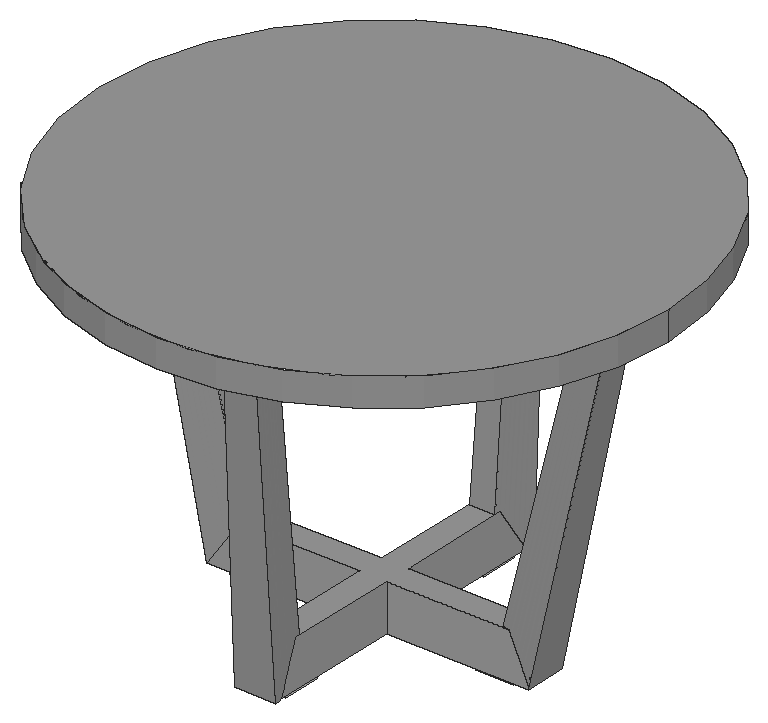
Revit family "Andreu World Uves Occasional", category Mobiliario, Revit 2013
Parameters (values of type "ME-3696 Oak")
  URL = "http://www.andreuworld.com"
  Top Thickness = 30 mm
  Top Diameter = 600 mm
  Top Base = 500 mm
  Top = Andreu World Oak
  Square Top = no
  Round Top = yes
  Referencia = "ME-3696"
  Modelo = "Uves Occasional"
  Length = 550 mm
  Height = 400 mm
  Glides = Andreu World Plastic Glides
  Fabricante = "Andreu World"
  Descripción = "Occasional table."
  Base = 340 mm
Types (9, lengths in mm): name | Top Diameter | Top | Square Top | Round Top | Referencia | Length | Height
  (no name) | 600 | Andreu World Oak | no | yes | "ME-3696" | 550 | 400
  ME-3696 Oak | 600 | Andreu World Oak | no | yes | "ME-3696" | 550 | 400
  ME-3700 Lacquered | 600 | Andreu World Lacquered | no | yes | "ME-3700" | 663.046 | 400
  ME-3697 Oak | 700 | Andreu World Oak | no | yes | "ME-3697" | 663.046 | 500
  ME-3701 Lacquered | 700 | Andreu World Lacquered | no | yes | "ME-3701" | 550 | 500
  ME-3698 Oak | 600 | Andreu World Oak | yes | no | "ME-3698" | 550 | 400
  ME-3702 Lacquered | 600 | Andreu World Lacquered | yes | no | "ME-3702" | 550 | 400
  ME-3699 Oak | 600 | Andreu World Oak | yes | no | "ME-3702" | 600 | 500
  ME-3703 Lacquered | 600 | Andreu World Lacquered | yes | no | "ME-3702" | 600 | 500
Reference planes
  plane 1 "Centro (Frontal/Posterior)": y = 0
  plane 2: z = 0
  plane 3 "Centro (Izquierda/Derecha)": x = 0
  plane 4: z = 400
  plane 5: z = 370
  plane 6: x = -170
  plane 7: x = 170
  plane 8: x = -250
  plane 9: x = 250
  plane 10: x = -275
  plane 11: y = 275
  plane 12: x = 275
  plane 13: y = -275
  plane 14: z = 5
  plane 15: z = 49
Forms (mm)
  Blend 1, solid, material "Andreu World Oak" <- "Top", detail levels medium+fine
    base sketch origin (0, 0, 0) x (1, 0, 0) y (0, 1, 0)
      loop
        line (-16.479, -193.934) -> (16.479, -193.934) -> (11.148, -159.934) -> (-11.148, -159.934) -> (-16.479, -193.934)
    top sketch origin (0, 0, 0) x (1, 0, 0) y (0, 1, 0)
      loop
        line (-22, -170) -> (22, -170) -> (13.253, -125) -> (-13.253, -125) -> (-22, -170)
    from 370 to 5
  Blend 2, solid, material "Andreu World Oak" <- "Top", detail levels medium+fine
    base sketch origin (0, 0, 0) x (1, 0, 0) y (0, 1, 0)
      loop
        line (-16.479, 193.934) -> (-11.148, 159.934) -> (11.148, 159.934) -> (16.479, 193.934) -> (-16.479, 193.934)
    top sketch origin (0, 0, 0) x (1, 0, 0) y (0, 1, 0)
      loop
        line (-22, 170) -> (-13.253, 125) -> (13.253, 125) -> (22, 170) -> (-22, 170)
    from 370 to 5
  Extrusion 3, solid, material "Andreu World Oak" <- "Top", detail levels medium+fine
    sketch origin (0, 0, 0) x (0, 1, 0) y (0, 0, 1)
      loop
        line (-22, 5) -> (22, 5) -> (14.127, 49) -> (-14.127, 49) -> (-22, 5)
    from -170 to 170
  Blend 4, solid, material "Andreu World Oak" <- "Top", detail levels medium+fine
    base sketch origin (0, 0, 0) x (0, 1, 0) y (-1, 0, 0)
      loop
        line (-16.479, 250.457) -> (-11.148, 216.457) -> (11.148, 216.457) -> (16.479, 250.457) -> (-16.479, 250.457)
    top sketch origin (0, 0, 0) x (0, 1, 0) y (-1, 0, 0)
      loop
        line (-22, 170) -> (-13.253, 125) -> (13.253, 125) -> (22, 170) -> (-22, 170)
    from 370 to 5
  Extrusion 5, solid, material "Andreu World Oak" <- "Top", visible <- "Round Top", detail levels medium+fine
    sketch origin (0, 0, 0) x (1, 0, 0) y (0, 1, 0)
      loop
        circle (0, 0) r 300
    from 370 to 400
  Extrusion 6, solid, material "Andreu World Oak" <- "Top", visible <- "Square Top"
    sketch origin (0, 0, 0) x (1, 0, 0) y (0, 1, 0)
      loop
        line (-275, 275) -> (-275, -275) -> (275, -275) -> (275, 275) -> (-275, 275)
    from 370 to 400
  Extrusion 7, solid, material "Andreu World Oak" <- "Top", detail levels medium+fine
    sketch origin (0, 685, 0) x (-1, 0, 0) y (0, 0, 1)
      loop
        line (-20.359, 5) -> (20.359, 5) -> (14.127, 49) -> (-14.127, 49) -> (-20.359, 5)
    from -855 to -515
  Extrusion 8, solid, material "Andreu World Plastic Glides" <- "Glides", detail levels medium+fine
    sketch origin (20, 0, 0) x (1, 0, 0) y (0, 1, 0)
      loop
        line (-170, 16.666) -> (-170, -16.666) -> (-130, -16.666) -> (-130, 16.666) -> (-170, 16.666)
    from 0 to 5
  Extrusion 9, solid, material "Andreu World Plastic Glides" <- "Glides", detail levels medium+fine
    sketch origin (-20, 0, 0) x (-1, 0, 0) y (0, -1, 0)
      loop
        line (-170, -16.666) -> (-130, -16.666) -> (-130, 16.666) -> (-170, 16.666) -> (-170, -16.666)
    from 0 to 5
  Blend 10, solid, material "Andreu World Oak" <- "Top", detail levels medium+fine
    base sketch origin (0, 0, 0) x (0, 1, 0) y (-1, 0, 0)
      loop
        line (-16.479, -250.457) -> (16.479, -250.457) -> (11.148, -216.457) -> (-11.148, -216.457) -> (-16.479, -250.457)
    top sketch origin (0, 0, 0) x (0, 1, 0) y (-1, 0, 0)
      loop
        line (-22, -170) -> (22, -170) -> (13.253, -125) -> (-13.253, -125) -> (-22, -170)
    from 370 to 5
  Extrusion 11, solid, material "Andreu World Plastic Glides" <- "Glides", detail levels medium+fine
    sketch origin (0, 20, 0) x (0, 1, 0) y (-1, 0, 0)
      loop
        line (-170, -16.666) -> (-130, -16.666) -> (-130, 16.666) -> (-170, 16.666) -> (-170, -16.666)
    from 0 to 5
  Extrusion 12, solid, material "Andreu World Plastic Glides" <- "Glides", detail levels medium+fine
    sketch origin (0, -20, 0) x (0, -1, 0) y (1, 0, 0)
      loop
        line (-170, 16.666) -> (-170, -16.666) -> (-130, -16.666) -> (-130, 16.666) -> (-170, 16.666)
    from 0 to 5
Cuts and joins
  joined: Blend 1, Blend 2, Extrusion 3, Blend 4, Extrusion 7
Lines and regions (mm)
  model lines, visible <- "Round Top", detail levels coarse+medium
    curve 1: arc (300, 0, 0) -> (0, 300, 0) -> (-300, 0, 0) r 300
  model lines, visible <- "Round Top"
    curve 2: arc (-300, 0, 0) -> (0, -300, 0) -> (300, 0, 0) r 300
  model lines, visible <- "Square Top"
    curve 3: line (275, -275, 0) -> (275, 275, 0)
    curve 4: line (275, 275, 0) -> (-275, 275, 0)
    curve 5: line (-275, 275, 0) -> (-275, -275, 0)
    curve 6: line (-275, -275, 0) -> (275, -275, 0)
Dimensions and locks
  "Height": plane 4 to level
  "Top Thickness": plane 4 to plane 5
  "Base": plane 7 to plane 6
  equal spacing: plane 7, plane 3 "Centro (Izquierda/Derecha)", plane 6
  "Top Base": plane 9 to plane 8
  equal spacing: plane 9, plane 3 "Centro (Izquierda/Derecha)", plane 8
  "Length": plane 10 to plane 12
  equal spacing: plane 10, plane 3 "Centro (Izquierda/Derecha)", plane 12
  "Length": plane 11 to plane 13
  equal spacing: plane 11, plane 1 "Centro (Frontal/Posterior)", plane 13
  locked: plane 14 to level at 5
  plane 15 to plane 14 = 44 mm
  equal spacing: Extrusion 8 sketch curve, plane 1 "Centro (Frontal/Posterior)", Extrusion 8 sketch curve
  Extrusion 9 sketch curve to Extrusion 9 sketch curve = 33.332 mm
  Extrusion 11 sketch curve to Extrusion 11 sketch curve = 33.332 mm
  Extrusion 12 sketch curve to Extrusion 12 sketch curve = 33.332 mm
  "Top Diameter": diameter of Extrusion 5 sketch curve
  aligned and locked: level to plane 2
  aligned and locked: plane 4 to Extrusion 5
  aligned and locked: curve 1 to Extrusion 5
  aligned and locked: curve 2 to Extrusion 5
  aligned and locked: Extrusion 6 sketch curve to plane 11
  aligned and locked: plane 13 to Extrusion 6 sketch curve
  aligned and locked: plane 10 to Extrusion 6 sketch curve
  aligned and locked: Extrusion 6 sketch curve to plane 12
  aligned and locked: plane 4 to Extrusion 6
  aligned and locked: Extrusion 6 to plane 5
  aligned and locked: Extrusion 5 to plane 5
  aligned and locked: Extrusion 3 to Blend 1
  aligned and locked: plane 5 to Blend 4
  aligned and locked: plane 5 to Blend 1
  aligned and locked: Extrusion 3 to Blend 2
  aligned and locked: plane 5 to Blend 2
  aligned and locked: plane 15 to Extrusion 3
  aligned and locked: Blend 2 to Blend 1
  aligned and locked: cut or joined group of Blend 1, Blend 2, Extrusion 3, Blend 4, Extrusion 7 to Extrusion 7
  aligned and locked: Extrusion 7 to cut or joined group of Blend 1, Blend 2, Extrusion 3, Blend 4, Extrusion 7
  aligned and locked: Extrusion 3 to Blend 4
  aligned and locked: curve 3 to Extrusion 6
  aligned and locked: curve 4 to Extrusion 6
  aligned and locked: curve 6 to Extrusion 6
  aligned and locked: Extrusion 8 to level
  aligned and locked: Extrusion 9 to level
  aligned and locked: Extrusion 9 to cut or joined group of Blend 1, Blend 2, Extrusion 3, Blend 4, Extrusion 7
  aligned and locked: Extrusion 8 to cut or joined group of Blend 1, Blend 2, Extrusion 3, Blend 4, Extrusion 7
  aligned and locked: Extrusion 7 to Blend 1
  aligned and locked: Extrusion 7 to Extrusion 3
  aligned and locked: plane 5 to Blend 10
Automatic sketch dimensions
  curve 6 to plane 10 = 0 mm
  curve 6 to plane 13 = 0 mm
  Blend 1 sketch curve to plane 3 "Centro (Izquierda/Derecha)" = 16.479 mm
  plane 3 "Centro (Izquierda/Derecha)" to Blend 1 sketch curve = 16.479 mm
  plane 13 to Blend 1 sketch curve = 81.066 mm
  Blend 1 sketch curve to plane 3 "Centro (Izquierda/Derecha)" = 11.148 mm
  plane 3 "Centro (Izquierda/Derecha)" to Blend 1 sketch curve = 11.148 mm
  Blend 1 sketch curve to Blend 1 sketch curve = 34 mm
  Blend 1 sketch curve to plane 3 "Centro (Izquierda/Derecha)" = 22 mm
  plane 3 "Centro (Izquierda/Derecha)" to Blend 1 sketch curve = 22 mm
  plane 13 to Blend 1 sketch curve = 105 mm
  Blend 1 sketch curve to plane 3 "Centro (Izquierda/Derecha)" = 13.253 mm
  plane 3 "Centro (Izquierda/Derecha)" to Blend 1 sketch curve = 13.253 mm
  Blend 1 sketch curve to Blend 1 sketch curve = 45 mm
  plane 3 "Centro (Izquierda/Derecha)" to Blend 2 sketch curve = 16.479 mm
  Blend 2 sketch curve to plane 3 "Centro (Izquierda/Derecha)" = 16.479 mm
  plane 11 to Blend 2 sketch curve = 81.066 mm
  plane 3 "Centro (Izquierda/Derecha)" to Blend 2 sketch curve = 11.148 mm
  Blend 2 sketch curve to plane 3 "Centro (Izquierda/Derecha)" = 11.148 mm
  Blend 2 sketch curve to Blend 2 sketch curve = 34 mm
  plane 3 "Centro (Izquierda/Derecha)" to Blend 2 sketch curve = 22 mm
  Blend 2 sketch curve to plane 3 "Centro (Izquierda/Derecha)" = 22 mm
  plane 11 to Blend 2 sketch curve = 105 mm
  plane 3 "Centro (Izquierda/Derecha)" to Blend 2 sketch curve = 13.253 mm
  Blend 2 sketch curve to plane 3 "Centro (Izquierda/Derecha)" = 13.253 mm
  Blend 2 sketch curve to Blend 2 sketch curve = 45 mm
  Extrusion 3 sketch curve to plane 14 = 0 mm
  Extrusion 3 sketch curve to plane 15 = 0 mm
  plane 1 "Centro (Frontal/Posterior)" to Extrusion 3 sketch curve = 22 mm
  plane 1 "Centro (Frontal/Posterior)" to Extrusion 3 sketch curve = 14.127 mm
  Extrusion 3 sketch curve to plane 1 "Centro (Frontal/Posterior)" = 14.127 mm
  Extrusion 3 sketch curve to plane 1 "Centro (Frontal/Posterior)" = 22 mm
  plane 8 to Blend 4 sketch curve = 0.457 mm
  Blend 4 sketch curve to plane 1 "Centro (Frontal/Posterior)" = 16.479 mm
  Blend 4 sketch curve to plane 1 "Centro (Frontal/Posterior)" = 11.148 mm
  Blend 4 sketch curve to plane 8 = 33.543 mm
  plane 1 "Centro (Frontal/Posterior)" to Blend 4 sketch curve = 11.148 mm
  plane 1 "Centro (Frontal/Posterior)" to Blend 4 sketch curve = 16.479 mm
  Blend 4 sketch curve to plane 6 = 0 mm
  Blend 4 sketch curve to plane 1 "Centro (Frontal/Posterior)" = 22 mm
  plane 1 "Centro (Frontal/Posterior)" to Blend 4 sketch curve = 13.253 mm
  Blend 4 sketch curve to plane 6 = 45 mm
  Blend 4 sketch curve to plane 1 "Centro (Frontal/Posterior)" = 13.253 mm
  plane 1 "Centro (Frontal/Posterior)" to Blend 4 sketch curve = 22 mm
  Extrusion 7 sketch curve to plane 14 = 0 mm
  Extrusion 7 sketch curve to plane 15 = 0 mm
  plane 3 "Centro (Izquierda/Derecha)" to Extrusion 7 sketch curve = 20.359 mm
  plane 3 "Centro (Izquierda/Derecha)" to Extrusion 7 sketch curve = 14.127 mm
  Extrusion 7 sketch curve to plane 3 "Centro (Izquierda/Derecha)" = 14.127 mm
  Extrusion 7 sketch curve to plane 3 "Centro (Izquierda/Derecha)" = 20.359 mm
  plane 6 to Extrusion 8 sketch curve = 20 mm
  plane 1 "Centro (Frontal/Posterior)" to Extrusion 8 sketch curve = 16.666 mm
  Extrusion 8 sketch curve to Extrusion 8 sketch curve = 40 mm
  plane 7 to Extrusion 9 sketch curve = 20 mm
  Extrusion 9 sketch curve to plane 1 "Centro (Frontal/Posterior)" = 16.666 mm
  Extrusion 9 sketch curve to Extrusion 9 sketch curve = 40 mm
  plane 1 "Centro (Frontal/Posterior)" to Extrusion 9 sketch curve = 16.666 mm
  plane 9 to Blend 10 sketch curve = 0.457 mm
  plane 1 "Centro (Frontal/Posterior)" to Blend 10 sketch curve = 16.479 mm
  plane 1 "Centro (Frontal/Posterior)" to Blend 10 sketch curve = 11.148 mm
  Blend 10 sketch curve to plane 9 = 33.543 mm
  Blend 10 sketch curve to plane 1 "Centro (Frontal/Posterior)" = 11.148 mm
  Blend 10 sketch curve to plane 1 "Centro (Frontal/Posterior)" = 16.479 mm
  Blend 10 sketch curve to plane 7 = 0 mm
  plane 1 "Centro (Frontal/Posterior)" to Blend 10 sketch curve = 22 mm
  Blend 10 sketch curve to plane 1 "Centro (Frontal/Posterior)" = 13.253 mm
  Blend 10 sketch curve to plane 7 = 45 mm
  plane 1 "Centro (Frontal/Posterior)" to Blend 10 sketch curve = 13.253 mm
  Blend 10 sketch curve to plane 1 "Centro (Frontal/Posterior)" = 22 mm
  plane 3 "Centro (Izquierda/Derecha)" to Extrusion 11 sketch curve = 16.666 mm
  Extrusion 11 sketch curve to plane 1 "Centro (Frontal/Posterior)" = 150 mm
  Extrusion 11 sketch curve to plane 3 "Centro (Izquierda/Derecha)" = 16.666 mm
  Extrusion 11 sketch curve to Extrusion 11 sketch curve = 40 mm
  Extrusion 12 sketch curve to plane 3 "Centro (Izquierda/Derecha)" = 16.666 mm
  Extrusion 12 sketch curve to plane 1 "Centro (Frontal/Posterior)" = 150 mm
  plane 3 "Centro (Izquierda/Derecha)" to Extrusion 12 sketch curve = 16.666 mm
  Extrusion 12 sketch curve to Extrusion 12 sketch curve = 40 mm
  plane 1 "Centro (Frontal/Posterior)" to Extrusion 5 sketch curve = 0 mm
  Extrusion 5 sketch curve to plane 3 "Centro (Izquierda/Derecha)" = 0 mm
